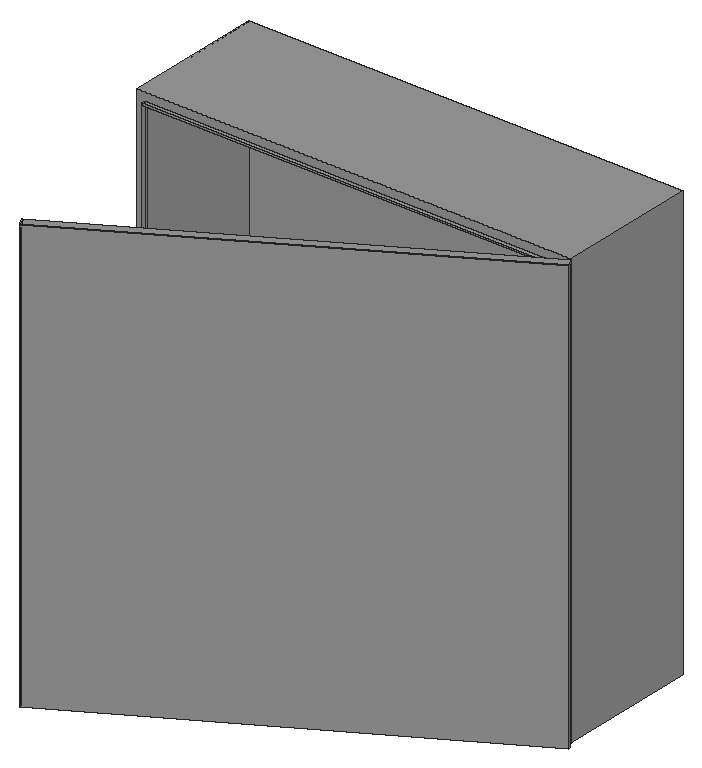
Revit family "Hager-Univers-IP55-D275-H800-Cl.II-Steel_encl-NoHosted-SE-en", category Equipement électrique, Revit 2020
Family settings
  Configuration du panneau = Deux colonnes, circuits au sein
  Cote de connecteur circulaire = Utiliser le diamètre
  Type d'élément = Tableau de raccordement
  Basée sur le plan de construction = Oui
  Toujours verticalement = Oui
  Couper avec des vides une fois chargée = Non
  Partagée = Non
  Point de calcul de pièce = Non
Parameters (values of type "Surface mounted (plaster) IP55 W800 H800 D275  - FR53S")
  Width Control [instance] = if([EF000008 - Width] > Min Width, [EF000008 - Width], Min Width)  # 800 mm
  Commentaires du type = [HG000003 - Range]  # "Univers"
  Thickness Door [instance] = if([EF009171 - Material plate thickness door/cover] > 3 mm, 3 mm, [EF009171 - Material plate thickness door/cover])  # 1.5 mm
  Seal Frame Offset [instance] = 17 mm  # constant formula
  Plinth Visibility [instance] = [HG000027 - Plinth height] > 0 mm  # no
  Min Width [instance] = 100 mm  # constant formula
  Min Depth [instance] = (2 * [EF009170 - Material plate thickness cabinet]) + 1 mm  # 4 mm
  Min Height [instance] = 100 mm  # constant formula
  Internal Frame Depth [instance] = (Door System Depth * 0.5)  # 9 mm
  Panel Name [instance] = ""  # (empty or 0)
  Model = ""
  HG000027 - Plinth height = 0 mm
  HG000026 - Floor standing = no
  HG000024 - Bottom section height = 600 mm
  HG000023 - Double section enclosure = no
  HG000016 - Door 3d visibility [instance] = yes
  HG000015 - Clearance visibility [instance] = no
  HG000014 - Door on the right [instance] = yes
  HG000013 - Door on the left [instance] = not([HG000014 - Door on the right])  # no
  HG000012 - Door swing angle [instance] = 30.00°
  HG000010 - Asymmetric doors = no
  HG000009 - Double swing door = no
  HG000006 - Flush mounted = no
  HG000004 - Manufacturer reference = "FR53S"
  HG000003 - Range = "Univers"
  HG000002 - With door or cover = yes
  Frame Offset Bottom [instance] = 10 mm  # constant formula
  Frame Offset [instance] = 15 mm  # constant formula
  EF015940 - Cover with overpressure release = no
  EF011959 - Degree of protection (NEMA) = ""
  EF009554 - Number of openings for flange plates = 6
  EF009212 - Cover model = "EV000116 - Closed"
  EF009171 - Material plate thickness door/cover = 1.5 mm
  EF009170 - Material plate thickness cabinet = 1.5 mm
  EF008873 - Nominal current (In) = 800 A
  EF007800 - Suitable for lightning protection = no
  EF006306 - With lock = no
  EF006244 - Transparent cover/door = no
  EF005474 - Degree of protection (IP) = "EV006420 - IP55"
  EF004464 - Type of door = "EV002646 - Single"
  EF004427 - Number of modules = 180
  EF004293 - Impact strength = "EV008784 - IK10"
  EF003532 - Suitable for outdoor use = no
  EF002950 - Width in number of modular spacings = 24
  EF001613 - Circuit integrity = "EV000494 - None"
  EF001596 - Material housing = "EV000179 - Steel"
  EF001131 - Internal depth = 275 mm
  EF001088 - Extension possible = yes
  EF000437 - Number of conduit inlets = 6
  EF000339 - Type of cover = "EV004216 - Door"
  EF000266 - Number of rows = 5
  EF000218 - Built-in depth = 0 mm
  EF000118 - With mounting plate = no
  EF000116 - RAL-number = "7035"
  EF000049 - Depth = 275 mm
  EF000040 - Height = 800 mm
  EF000008 - Width = 800 mm
  EF000007 - Colour = "EV000270 - Grey"
  EF000003 - Mounting method = "EV000384 - Surface mounted (plaster)"
  Door System Leaf Tolerance [instance] = 1.5 mm  # constant formula
  Door System Depth [instance] = 18 mm  # constant formula
  Door Height [instance] = Height Control - [HG000027 - Plinth height]  # 800 mm
  Description = ""
  Default Elevation = 1219.2 mm
  Connector Offset [instance] = Height Control / 2  # 400 mm
  Fabricant = "Hager"  # constant formula
  Height Control [instance] = if([EF000040 - Height] > Min Height, [EF000040 - Height], Min Height)  # 800 mm
  Depth Control [instance] = if([EF000049 - Depth] > Min Depth, [EF000049 - Depth], Min Depth)  # 275 mm
  Bottom Top Plate Trim [instance] = 1.5 mm  # constant formula
  Plinth height Ctrl [instance] = if([HG000027 - Plinth height] > 0 mm, [HG000027 - Plinth height], 12 mm)  # 12 mm
Types (5, lengths in mm): name | Width Control | HG000010 - Asymmetric doors | HG000009 - Double swing door | HG000004 - Manufacturer reference | EF009554 - Number of openings for flange plates | EF004464 - Type of door | EF004427 - Number of modules | EF000437 - Number of conduit inlets | EF000008 - Width
  Surface mounted (plaster) IP55 W1050 H800 D275  - FR54S | 1050 | no | yes | "FR54S" | 8 | "EV003602 - Double" | 240 | 8 | 1050
  Surface mounted (plaster) IP55 W1300 H800 D275  - FR55S | 1300 | yes | yes | "FR55S" | 10 | "EV003602 - Double" | 300 | 10 | 1300
  Surface mounted (plaster) IP55 W300 H800 D275  - FR51S | 300 | no | no | "FR51S" | 2 | "EV002646 - Single" | 60 | 2 | 300
  Surface mounted (plaster) IP55 W550 H800 D275  - FR52S | 550 | no | no | "FR52S" | 4 | "EV002646 - Single" | 120 | 4 | 550
  Surface mounted (plaster) IP55 W800 H800 D275  - FR53S | 800 | no | no | "FR53S" | 6 | "EV002646 - Single" | 180 | 6 | 800
Reference planes
  plane 1 "Center (Front/Back)": y = 0
  plane 2: z = 0
  plane 3 "Center (Left/Right)": x = 0
  plane 4: y = 0
  plane 5: y = 0
  plane 6: z = 0
  plane 7: x = -400
  plane 8: x = 400
  plane 9: x = 398.5
  plane 10: x = -398.5
  plane 11: z = 0
  plane 12: z = 1.5
  plane 13: y = -275
  plane 14: y = -1.5
  plane 15: x = 0
  plane 16: y = -257
  plane 17: y = -273.5
  plane 18: y = -255.5
  plane 19: x = -383.5
  plane 20: x = 383.5
  plane 21: z = 11.5
  plane 22: x = -383
  plane 23: x = 383
  plane 24: z = 0
  plane 25: z = 800
  plane 26: z = 800
  plane 27: z = 783.5
  plane 28: z = 798.5
Forms (mm)
  Extrusion 1, solid, material "Hager_Steel_RAL7035_Light_Grey", detail levels medium+fine
    sketch origin (-208.679, -4572, 0) x (-1, 0, 0) y (0, -1, 0)
      loop
        line (191.321, -4315) -> (-608.679, -4315) -> (-608.679, -4572) -> (191.321, -4572) -> (191.321, -4315)
    from 0 to 800
  Extrusion 2, void
    sketch origin (-350.771, -275, 1219.2) x (1, 0, 0) y (0, 0, 1)
      loop
        line (-47.729, -420.7) -> (-47.729, -1217.7) -> (749.271, -1217.7) -> (749.271, -420.7) -> (-47.729, -420.7)
    from -19.5 to -273.5
  Extrusion 3, void
    sketch origin (-290.084, -257, 1219.2) x (1, 0, 0) y (0, 0, 1)
      loop
        line (-93.416, -1207.7) -> (673.584, -1207.7) -> (673.584, -435.7) -> (-93.416, -435.7) -> (-93.416, -1207.7)
    from 0 to -1.5
  Extrusion 4, solid, material "Hager_Steel_RAL7035_Light_Grey", visible <- "Plinth Visibility", detail levels medium+fine
    sketch origin (0, 0, 0) x (1, 0, 0) y (0, 1, 0)
      loop
        line (-400, 0) -> (-400, -257) -> (400, -257) -> (400, 0) -> (-400, 0)
    from 0 to 12 <- "Plinth height Ctrl"
  Extrusion 5, solid, material "Hager_Steel_RAL7035_Light_Grey", detail levels coarse
    sketch origin (0, 0, 0) x (1, 0, 0) y (0, 1, 0)
      loop
        line (-400, 0) -> (-400, -275) -> (400, -275) -> (400, 0) -> (-400, 0)
    from 0 to 800 <- "Height Control"
  Sweep 6, void
    path in 3D
      loop
        line (-400, -257, 12) -> (400, -257, 12) -> (400, 0, 12) -> (-400, 0, 12) -> (-400, -257, 12)
    profile origin (-400, -128.5, 12) x (1, 0, 0) y (0, 0, 1)
      loop
        line (0, 0) -> (0, -1.5) -> (1.5, -1.5)
        arc (1.5, -1.5) -> (1.061, -0.439) -> (0, 0) r 1.5
  Extrusion 7, solid, material "Hager_Steel_RAL7035_Light_Grey", detail levels fine
    sketch origin (-400, -257, 0) x (1, 0, 0) y (0, 0, 1)
      loop
        line (16.5, 11.5) -> (783.5, 11.5) -> (783.5, 783.5) -> (16.5, 783.5) -> (16.5, 11.5)
      loop
        line (15, 10) -> (785, 10) -> (785, 785) -> (15, 785) -> (15, 10)
    from 0 to 9 <- "Internal Frame Depth"
Cuts and joins
  Extrusion 2, Extrusion 3 cuts Extrusion 1
  Sweep 6 cuts Extrusion 4
Lines and regions (mm)
  Masking region 1
    outline origin (0, 0, 0) x (1, 0, 0) y (0, 1, 0)
      loop
        line (-400, 0) -> (-400, -275) -> (400, -275) -> (400, 0) -> (-400, 0)
  Masking region 2, detail levels coarse
    outline origin (-290.084, -257, 1219.2) x (-1, 0, 0) y (0, 0, 1)
      loop
        line (-690.084, -1219.2) -> (109.916, -1219.2) -> (109.916, -419.2) -> (-690.084, -419.2) -> (-690.084, -1219.2)
  Masking region 3, detail levels coarse
    outline origin (0, 0, 0) x (0, 1, 0) y (0, 0, 1)
      loop
        line (0, 0) -> (0, 800) -> (-275, 800) -> (-275, 0) -> (0, 0)
  Masking region 4, visible <- "Plinth Visibility", detail levels medium+fine
    outline origin (0, 0, 0) x (0, 1, 0) y (0, 0, 1)
      loop
        line (-1.5, 12) -> (-255.5, 12)
        arc (-255.5, 12) -> (-255.939, 10.939) -> (-257, 10.5) r 1.5
        line (-257, 10.5) -> (-257, 0) -> (0, 0) -> (0, 10.5)
        arc (0, 10.5) -> (-1.061, 10.939) -> (-1.5, 12) r 1.5
  Masking region 5, detail levels medium+fine
    outline origin (0, 0, 594.038) x (0, 1, 0) y (0, 0, 1)
      loop
        line (0, -594.038) -> (0, 205.962) -> (-257, 205.962) -> (-257, -594.038) -> (0, -594.038)
  Masking region 6, detail levels medium+fine
    outline origin (-359.7, -257, 1211.883) x (-1, 0, 0) y (0, 0, 1)
      loop
        line (-759.7, -1211.883) -> (40.3, -1211.883) -> (40.3, -411.883) -> (-759.7, -411.883) -> (-759.7, -1211.883)
  Masking region 7, visible <- "Plinth Visibility", detail levels medium+fine
    outline origin (-320.334, -257, 1041.368) x (-1, 0, 0) y (0, 0, 1)
      loop
        line (-720.334, -1041.368) -> (79.666, -1041.368) -> (79.666, -1030.868)
        arc (79.666, -1030.868) -> (78.606, -1030.429) -> (78.166, -1029.368) r 1.5
        line (78.166, -1029.368) -> (-718.834, -1029.368)
        arc (-718.834, -1029.368) -> (-719.273, -1030.429) -> (-720.334, -1030.868) r 1.5
        line (-720.334, -1030.868) -> (-720.334, -1041.368)
  sketch lines
    curve 1: line (-400, 0, 12) -> (-400, -257, 12)
    curve 2: line (-400, -257, 12) -> (400, -257, 12)
    curve 3: line (400, 0, 12) -> (-400, 0, 12)
    curve 4: line (400, -257, 12) -> (400, 0, 12)
Dimensions and locks
  locked: plane 1 "Center (Front/Back)" to plane 5
  "EF009170 - Material plate thickness cabinet": plane 7 to plane 10
  "EF009170 - Material plate thickness cabinet": plane 8 to plane 9
  equal spacing: plane 7, plane 3 "Center (Left/Right)", plane 8
  "Width Control": plane 7 to plane 8
  "Depth Control": plane 4 to plane 13
  "EF009170 - Material plate thickness cabinet": plane 4 to plane 14
  "Height Control": plane 25 to level
  "HG000027 - Plinth height": plane 11 to level
  "EF009170 - Material plate thickness cabinet": plane 12 to plane 11
  "EF009170 - Material plate thickness cabinet": plane 17 to plane 13
  "EF009170 - Material plate thickness cabinet": plane 18 to plane 16
  "Frame Offset Bottom": plane 21 to plane 12
  "Frame Offset": plane 10 to plane 19
  "Frame Offset": plane 9 to plane 20
  "Door System Depth": plane 16 to plane 13
  "Seal Frame Offset": plane 7 to plane 22
  "Seal Frame Offset": plane 8 to plane 23
  "EF009170 - Material plate thickness cabinet": plane 26 to plane 28
  "Frame Offset": plane 28 to plane 27
  "Connector Offset": plane 2 to connector elem
  "Bottom Top Plate Trim": profile plane to Sweep 6 sketch curve
  "Bottom Top Plate Trim": Sweep 6 sketch curve to Sweep 6 sketch curve
  "Plinth height Ctrl": Masking region 4 sketch curve to level
  "Plinth height Ctrl": Masking region 7 sketch curve to level
  "Thickness Door": Extrusion 7 sketch curve to Extrusion 7 sketch curve  (x4)
  "Bottom Top Plate Trim": radius of Sweep 6 sketch curve
  "Bottom Top Plate Trim": radius of Masking region 4 sketch curve  (x2)
  "Bottom Top Plate Trim": radius of Masking region 7 sketch curve  (x2)
  aligned and locked: Extrusion 2 sketch curve to plane 12
  aligned and locked: Extrusion 2 sketch curve to plane 9
  aligned and locked: Extrusion 2 sketch curve to plane 10
  aligned and locked: Extrusion 2 to plane 14
  aligned and locked: Extrusion 1 sketch curve to plane 4
  aligned and locked: plane 8 to Extrusion 1 sketch curve
  aligned and locked: plane 7 to Extrusion 1 sketch curve
  aligned and locked: Extrusion 2 to plane 18
  aligned and locked: Extrusion 3 sketch curve to plane 19
  aligned and locked: plane 20 to Extrusion 3 sketch curve
  aligned and locked: Extrusion 3 to Extrusion 2
  aligned and locked: Extrusion 3 sketch curve to plane 21
  aligned and locked: plane 3 "Center (Left/Right)" to nested 1
  aligned and locked: Extrusion 1 sketch curve to plane 16
  aligned and locked: Extrusion 4 sketch curve to cut or joined group of Extrusion 1, Extrusion 2, Extrusion 3
  aligned and locked: Masking region 1 sketch curve to plane 7
  aligned and locked: Masking region 1 sketch curve to plane 5
  aligned and locked: Masking region 1 sketch curve to plane 8
  aligned and locked: Masking region 2 sketch curve to level
  aligned and locked: level to Masking region 3 sketch curve
  aligned and locked: plane 1 "Center (Front/Back)" to Masking region 3 sketch curve
  aligned and locked: plane 13 to Masking region 3 sketch curve
  aligned and locked: plane 5 to Masking region 4 sketch curve
  aligned and locked: Masking region 2 sketch curve to plane 8
  aligned and locked: Masking region 2 sketch curve to plane 7
  aligned and locked: plane 7 to nested 2
  aligned and locked: nested 2 to plane 5
  aligned and locked: plane 5 to Masking region 5 sketch curve
  aligned and locked: plane 26 to Masking region 5 sketch curve
  aligned and locked: Extrusion 5 sketch curve to plane 8
  aligned and locked: Extrusion 5 sketch curve to plane 7
  aligned and locked: Extrusion 5 sketch curve to plane 5
  aligned and locked: Extrusion 3 sketch curve to plane 27
  aligned and locked: Extrusion 2 sketch curve to plane 28
  aligned and locked: Masking region 2 to plane 25
  aligned and locked: Extrusion 4 to plane 16
  aligned and locked: profile plane to Sweep 6 sketch curve
  aligned and locked: Masking region 5 sketch curve to plane 24
  aligned and locked: level to Masking region 4 sketch curve
  aligned and locked: Masking region 1 to plane 13
  aligned and locked: nested 1 to plane 16
  aligned and locked: Masking region 3 to plane 25
  aligned and locked: plane 16 to Masking region 4 sketch curve
  aligned and locked: Masking region 5 sketch curve to plane 16
  aligned and locked: plane 24 to plane 11
  aligned and locked: plane 26 to plane 25
  aligned and locked: plane 26 to cut or joined group of Extrusion 1, Extrusion 2, Extrusion 3
  aligned and locked: nested 1 to plane 24
  aligned and locked: Extrusion 1 to Extrusion 3
  aligned and locked: Masking region 6 sketch curve to plane 8
  aligned and locked: Masking region 6 sketch curve to plane 24
  aligned and locked: Masking region 6 sketch curve to plane 7
  aligned and locked: Masking region 6 sketch curve to plane 26
  aligned and locked: Masking region 7 sketch curve to plane 7
  aligned and locked: level to Masking region 7 sketch curve
  aligned and locked: Masking region 7 sketch curve to plane 8
  aligned and locked: Extrusion 7 sketch curve to cut or joined group of Extrusion 1, Extrusion 2, Extrusion 3  (x4)
Automatic sketch dimensions
  plane 19 to Extrusion 3 sketch curve = 0 mm
  Extrusion 3 sketch curve to plane 20 = 0 mm
  Extrusion 3 sketch curve to plane 21 = 0 mm
  Extrusion 4 sketch curve to plane 7 = 0 mm
  Extrusion 4 sketch curve to plane 8 = 0 mm
  Extrusion 4 sketch curve to plane 16 = 0 mm
  Masking region 1 sketch curve to plane 13 = 0 mm
  Masking region 2 sketch curve to plane 25 = 0 mm
  Masking region 3 sketch curve to plane 25 = 0 mm
  Extrusion 5 sketch curve to plane 13 = 0 mm
  profile plane to Sweep 6 sketch curve = 0 mm
Nested families
  nested 1: "EC000058_Univers_Door" at (0, -257, 0), Double <- "HG000009 - Double swing door", Transparent <- "EF006244 - Transparent cover/door", Angle <- "HG000012 - Door swing angle", Door_Right <- "HG000014 - Door on the right", Assymetrical <- "HG000010 - Asymmetric doors", Door <- "HG000002 - With door or cover", Width_Ctrl <- "Width Control", 3d_Door <- "HG000016 - Door 3d visibility", Clearance <- "HG000015 - Clearance visibility", Door_Left <- "HG000013 - Door on the left", Width <- "Width Control", Door_Depth <- "Door System Depth", Leaf_Tolerance <- "Door System Leaf Tolerance", Height <- "Door Height", Lock_Visibility <- "EF006306 - With lock", Thickness <- "Thickness Door", type "EC000058_Univers_Door", detail levels medium+fine
    with min_wh 4 mm, Width_Ctrl 800 mm, Width 800 mm, Transparent no, Thickness 1.5 mm, Seal_Material Hager_Rubber, Lock_Visibility no, Lock_Material Hager_Plastic_RAL9005_Jet_Black, Leaf_Width 800 mm, Leaf_Tolerance_External_Sides 0 mm, Leaf_Tolerance 1.5 mm, Leaf_Offset 0 mm, Leaf_Height 797 mm, Leaf_2_Width 800 mm, Leaf_2_Offset 400 mm, Leaf_1_Width 800 mm, Leaf_1_Offset 400 mm, Height_Ctrl 800 mm, Height 800 mm, Glass_Material Hager_Glass, Double_Clearance_Ctrl no, Double no, Door_Right_Ctrl yes, Door_Right yes, Door_Material Hager_Steel_RAL7035_Light_Grey, Door_Left_Ctrl no, Door_Left no, Door_Depth 18 mm, Door yes, Clearance_Material Hager_Clearance, Clearance_Depth 800 mm, Clearance_Ctrl no, Clearance no, Assymetrical no, Angle 30.00°, 3d_Door yes
  nested 2: "Hager_Enclosure_Symbol" at (-400, 0, 0), Height <- "Depth Control", Width <- "Width Control", type "Hager_Enclosure_Symbol"
    with Width_Ctrl 800 mm, Width 800 mm, Height_Ctrl 275 mm, Height 275 mm, A_Width_Int 18.047 mm, A_Width 216.562 mm, A_Height_Ctrl 240.625 mm, A_Height 240.625 mm
Connectors
  electrical at (0, 0, 400)
    settings: on plane 1 "Center (Front/Back)", index 1, voltage 0 V, apparent load 0 VA, apparent load phase1 0 VA, apparent load phase2 0 VA, apparent load phase3 0 VA, power factor 1, load classification "Other", number of poles 1, system type 30, power factor state 1, is connector primary yes, connector utility no, sub classification motor no, connector description ""
Definition of nested family "EC000058_Univers_Door"
  Parameters (values of type "EC000058_Univers_Door")
    min_wh [instance] = (2 * Thickness) + 1 mm  # 11 mm
    Width_Ctrl [instance] = 400 mm
    Width [instance] = 500 mm
    Transparent [instance] = yes
    Thickness [instance] = 5 mm
    Seal_Material [instance] = none
    Lock_Visibility [instance] = yes
    Lock_Material [instance] = none
    Leaf_Width [instance] = if((Width_Ctrl - 2 * Leaf_Tolerance_External_Sides) > 0 mm, (Width_Ctrl - 2 * Leaf_Tolerance_External_Sides), min_wh)  # 400 mm
    Leaf_Tolerance_External_Sides [instance] = 0 mm  # constant formula
    Leaf_Tolerance [instance] = 1.5 mm
    Leaf_Offset [instance] = 0 mm  # constant formula
    Leaf_Height [instance] = if((Height_Ctrl - 2 * Leaf_Tolerance) > 0 mm, (Height_Ctrl - 2 * Leaf_Tolerance), min_wh)  # 497 mm
    Leaf_2_Width [instance] = if(and(and(Double, Assymetrical), Door_Left), (Leaf_Width / 3) - (Leaf_Tolerance / 2), if(and(and(Double, Assymetrical), Door_Right), (Leaf_Width / 3) * 2 - (Leaf_Tolerance / 2), if(and(Double, not(Assymetrical)), (Leaf_Width / 2) - Leaf_Tolerance, Leaf_Width)))  # 400 mm
    Leaf_2_Offset [instance] = if(and(Double, Assymetrical), Leaf_2_Width / 2, if(and(Double, not(Assymetrical)), Leaf_Width / 4, Leaf_Width / 2))  # 200 mm
    Leaf_1_Width [instance] = if(and(and(Double, Assymetrical), Door_Right), (Leaf_Width / 3) - (Leaf_Tolerance / 2), if(and(and(Double, Assymetrical), Door_Left), (Width / 3) * 2 - (Leaf_Tolerance / 2), if(and(Double, not(Assymetrical)), (Leaf_Width / 2) - Leaf_Tolerance, Leaf_Width)))  # 400 mm
    Leaf_1_Offset [instance] = if(and(Double, Assymetrical), Leaf_1_Width / 2, if(and(Double, not(Assymetrical)), Leaf_Width / 4, Leaf_Width / 2))  # 200 mm
    Height_Ctrl [instance] = if(Height > min_wh, Height, min_wh)  # 500 mm
    Height [instance] = 500 mm
    Glass_Material [instance] = none
    Double_Clearance_Ctrl [instance] = and(Double, Clearance)  # no
    Double [instance] = no
    Door_Right_Ctrl [instance] = and(or(Door_Right, Double), Door)  # yes
    Door_Right [instance] = yes
    Door_Material [instance] = none
    Door_Left_Ctrl [instance] = and(or(Door_Left, Double), Door)  # no
    Door_Left [instance] = no
    Door_Depth [instance] = 30 mm
    Door [instance] = yes
    Default Elevation = 1219.2 mm
    Clearance_Material [instance] = none
    Clearance_Depth [instance] = if(Leaf_1_Width > Leaf_2_Width, Leaf_1_Width, Leaf_2_Width)  # 400 mm
    Clearance_Ctrl [instance] = and(not(Double), Clearance)  # yes
    Clearance [instance] = yes
    Assymetrical [instance] = yes
    Angle [instance] = 30.00°
    3d_Door [instance] = yes
  Reference planes
    plane 1 "Center (Front/Back)": y = 0
    plane 2 "Bottom": z = 0
    plane 3 "Center (Left/Right)": x = 0
    plane 4: z = 500
    plane 5: x = -200
    plane 6: x = 200
    plane 7: z = 500
    plane 8: x = -200
    plane 9: z = 0
    plane 10: x = 200
    plane 11: y = 0
    plane 12: z = 1.5
    plane 13: x = -600
    plane 14: y = -400
    plane 15: x = 600
    plane 16: x = 0
    plane 17: x = 0
    plane 18: x = -200
    plane 19: x = 200
    plane 20: z = 498.5
  Forms (mm)
    Extrusion 1, solid, material <- "Clearance_Material", visible <- "Double_Clearance_Ctrl"
      sketch origin (1200, 0, 0) x (1, 0, 0) y (0, 0, -1)
        loop
          line (-1800, -498.5) -> (-600, -498.5) -> (-600, 0) -> (-1800, 0) -> (-1800, -498.5)
      from 0 to -400
  Dimensions and locks
    equal spacing: plane 5, plane 3 "Center (Left/Right)", plane 6
    "Width_Ctrl": plane 5 to plane 6
    "Leaf_Offset": plane 5 to plane 8
    "Leaf_Offset": plane 6 to plane 10
    "Leaf_Offset": plane 9 to level
    "Leaf_Offset": plane 4 to plane 7
    "Height_Ctrl": plane 4 to level
    "Leaf_Tolerance": plane 12 to plane 9
    locked: plane 11 to plane 1 "Center (Front/Back)"
    "Leaf_1_Offset": plane 18 to plane 16
    "Leaf_2_Offset": plane 17 to plane 19
    "Leaf_1_Width": plane 13 to plane 8
    "Leaf_2_Width": plane 10 to plane 15
    "Clearance_Depth": plane 14 to plane 1 "Center (Front/Back)"
    "Leaf_Tolerance_External_Sides": plane 8 to plane 18
    "Leaf_Tolerance_External_Sides": plane 19 to plane 10
    "Leaf_Tolerance": plane 7 to plane 20
    aligned and locked: level to plane 2 "Bottom"
    aligned and locked: nested 1 to plane 16
    aligned and locked: nested 2 to plane 17
    aligned and locked: Extrusion 1 to plane 13
    aligned and locked: plane 15 to Extrusion 1
    aligned and locked: Extrusion 1 to plane 14
    aligned and locked: plane 12 to nested 1
    aligned and locked: nested 2 to plane 12
    aligned and locked: Extrusion 1 to plane 11
    aligned and locked: plane 20 to Extrusion 1
    aligned and locked: nested 2 to plane 11
    aligned and locked: nested 1 to plane 11
  Automatic sketch dimensions
    Extrusion 1 sketch curve to level = 0 mm
    plane 5 to Extrusion 1 sketch curve = 400 mm
    plane 6 to Extrusion 1 sketch curve = 400 mm
    Extrusion 1 sketch curve to plane 4 = 1.5 mm
  Nested families
    nested 1: "EC000058_Univers_Door_Leaf" at (0, 0, 1.5), Width <- "Leaf_1_Width", visible <- "Door_Left_Ctrl", Leaf_Height <- "Leaf_Height", Angle <- "Angle", 3d_Door <- "3d_Door", Transparent <- "Transparent", Clearance Material <- "Clearance_Material", Clearance <- "Clearance_Ctrl", Door_Material <- "Door_Material", Glass_Material <- "Glass_Material", Door_Depth <- "Door_Depth", Lock_Material <- "Lock_Material", Seal_Material <- "Seal_Material", Lock_Visibility <- "Lock_Visibility", Thickness <- "Thickness", type "EC000058_Univers_Door_Leaf"
      with Width 400 mm, Transparent_Glass_Offset 30 mm, Transparent_Ctrl yes, Transparent yes, Thickness 5 mm, Standard no, Seal_Material none, Seal_D2 8 mm, Seal_D1 1 mm, Offset_Internal_Frame 10 mm, Lock_Width 20 mm, Lock_Visibility_3d yes, Lock_Visibility yes, Lock_Thickness_3 3 mm, Lock_Thickness_2 1 mm, Lock_Thickness_1 3 mm, Lock_Radius_Offset_2 16 mm, Lock_Radius_Offset_1 15 mm, Lock_Radius_2 5 mm, Lock_Radius 6 mm, Lock_Offset 5 mm, Lock_Material none, Lock_Height 80 mm, Lock_Cover_Top_Offset_2d 17 mm, Lock_Cover_Height -65 mm, Leaf_Height 497 mm, Internal_Seal_Thickness 8 mm, Internal_Seal_Depth_2 4.5 mm, Internal_Frame_Depth 25 mm, Glass_Thickness -1 mm, Glass_Offset -2 mm, Glass_Material none, Door_Material none, Door_Depth 30 mm, Clearance Material none, Clearance yes, Angle_Ctrl 30.00°, Angle 30.00°, 3d_Door yes
    nested 2: "EC000058_Univers_Door_Leaf" at (0, 0, 1.5) x (-1, 0, 0) z (0, 0, 1), Width <- "Leaf_2_Width", visible <- "Door_Right_Ctrl", Leaf_Height <- "Leaf_Height", Angle <- "Angle", 3d_Door <- "3d_Door", Transparent <- "Transparent", Clearance Material <- "Clearance_Material", Clearance <- "Clearance_Ctrl", Door_Material <- "Door_Material", Glass_Material <- "Glass_Material", Door_Depth <- "Door_Depth", Lock_Material <- "Lock_Material", Seal_Material <- "Seal_Material", Lock_Visibility <- "Lock_Visibility", Thickness <- "Thickness", type "EC000058_Univers_Door_Leaf"
      with Width 400 mm, Transparent_Glass_Offset 30 mm, Transparent_Ctrl yes, Transparent yes, Thickness 5 mm, Standard no, Seal_Material none, Seal_D2 8 mm, Seal_D1 1 mm, Offset_Internal_Frame 10 mm, Lock_Width 20 mm, Lock_Visibility_3d yes, Lock_Visibility yes, Lock_Thickness_3 3 mm, Lock_Thickness_2 1 mm, Lock_Thickness_1 3 mm, Lock_Radius_Offset_2 16 mm, Lock_Radius_Offset_1 15 mm, Lock_Radius_2 5 mm, Lock_Radius 6 mm, Lock_Offset 5 mm, Lock_Material none, Lock_Height 80 mm, Lock_Cover_Top_Offset_2d 17 mm, Lock_Cover_Height -65 mm, Leaf_Height 497 mm, Internal_Seal_Thickness 8 mm, Internal_Seal_Depth_2 4.5 mm, Internal_Frame_Depth 25 mm, Glass_Thickness -1 mm, Glass_Offset -2 mm, Glass_Material none, Door_Material none, Door_Depth 30 mm, Clearance Material none, Clearance yes, Angle_Ctrl 30.00°, Angle 30.00°, 3d_Door yes
  Definition of nested family "EC000058_Univers_Door_Leaf"
    Parameters (values of type "EC000058_Univers_Door_Leaf")
      Width [instance] = 2000 mm
      Transparent_Glass_Offset [instance] = 30 mm
      Transparent_Ctrl [instance] = and(Transparent, [3d_Door])  # yes
      Transparent [instance] = yes
      Thickness [instance] = 5 mm
      Standard [instance] = and(not(Transparent), [3d_Door])  # no
      Seal_Material [instance] = none
      Seal_D2 [instance] = 8 mm  # constant formula
      Seal_D1 [instance] = 1 mm  # constant formula
      Offset_Internal_Frame [instance] = 10 mm  # constant formula
      Lock_Width [instance] = 20 mm  # constant formula
      Lock_Visibility_3d [instance] = and(Lock_Visibility, [3d_Door])  # yes
      Lock_Visibility [instance] = yes
      Lock_Thickness_3 [instance] = 3 mm  # constant formula
      Lock_Thickness_2 [instance] = 1 mm  # constant formula
      Lock_Thickness_1 [instance] = 3 mm  # constant formula
      Lock_Radius_Offset_2 [instance] = Lock_Radius_Offset_1 + 1 mm  # 16 mm
      Lock_Radius_Offset_1 [instance] = 15 mm  # constant formula
      Lock_Radius_2 [instance] = Lock_Radius - 1 mm  # 5 mm
      Lock_Radius [instance] = 6 mm  # constant formula
      Lock_Offset [instance] = 5 mm  # constant formula
      Lock_Material [instance] = none
      Lock_Height [instance] = 80 mm  # constant formula
      Lock_Cover_Top_Offset_2d [instance] = Lock_Radius_Offset_2 + 1 mm  # 17 mm
      Lock_Cover_Height [instance] = -(Lock_Height - Lock_Radius_Offset_1)  # -65 mm
      Leaf_Height [instance] = 2720.336 mm
      Internal_Seal_Thickness [instance] = 8 mm  # constant formula
      Internal_Seal_Depth_2 [instance] = 4.5 mm  # constant formula
      Internal_Frame_Depth [instance] = if(Door_Depth - Thickness > 5 mm, Door_Depth - Thickness, 5 mm)  # 25 mm
      Glass_Thickness [instance] = if(Thickness > 15 mm, Glass_Offset + 10 mm, -1 mm)  # -1 mm
      Glass_Offset [instance] = if(Thickness > 15 mm, -(Thickness + 10 mm) / 2, -2 mm)  # -2 mm
      Glass_Material [instance] = none
      Door_Material [instance] = none
      Door_Depth [instance] = 30 mm
      Default Elevation = 0 mm
      Clearance Material [instance] = none
      Clearance [instance] = yes
      Angle_Ctrl [instance] = if(Angle > 180.00°, 180.00°, Angle)  # 90.00°
      Angle [instance] = 90.00°
      3d_Door [instance] = yes
    Reference planes
      plane 1 "Center (Front/Back)": y = 0
      plane 2: z = 0
      plane 3 "Center (Left/Right)": x = 0
      plane 4: y = 2000
      plane 5: x = -1000
      plane 6: x = 1000
      plane 7: x = -3000
      plane 8: z = 2720.336
      plane 9: z = 30
      plane 10: z = 2690.336
      plane 11: x = 970
      plane 12: x = -970
      plane 13: y = -3
      plane 14: z = 107.833
      plane 15: y = -5
      plane 16: y = -223.314
      plane 17: x = -1000
      plane 18: z = 1360.168
      plane 19: y = 30
    Forms (mm)
      Extrusion 1, solid, material <- "Clearance Material", visible <- "Clearance"
        sketch origin (0, 0, 0) x (1, 0, 0) y (0, 0, 1)
          loop
            line (-3000, 2720.336) -> (-3000, 0) -> (1000, 0) -> (1000, 2720.336) -> (-3000, 2720.336)
        from 0 to -2000
      Extrusion 2, solid, material <- "Door_Material", visible <- "Standard", detail levels medium+fine
        sketch origin (-1000, 0, 0) x (0, 1, 0) y (-1, 0, 0)
          loop
            line (0, 30) -> (0, 25) -> (2000, 25) -> (2000, 30) -> (0, 30)
        from 0 to 2720.336 <- "Leaf_Height"
      Extrusion 3, solid, material <- "Door_Material", visible <- "Transparent_Ctrl", detail levels medium+fine
        sketch origin (-1000, 0, 0) x (0, 1, 0) y (-1, 0, 0)
          loop
            line (0, 25) -> (2000, 25) -> (2000, 30) -> (0, 30) -> (0, 25)
        from 0 to 2720.336 <- "Leaf_Height"
      Extrusion 4, void
        sketch origin (-1025, 2000, 0) x (0, 1, 0) y (0, 0, -1)
          loop
            line (-30, -2690.336) -> (-30, -30) -> (-1970, -30) -> (-1970, -2690.336) -> (-30, -2690.336)
        from 0 to 5 <- "Thickness"
      Sweep 5, solid, material <- "Seal_Material", visible <- "Transparent_Ctrl", detail levels fine
        path in 3D
          loop
            line (-1025, 30, 30) -> (-1025, 30, 2690.336) -> (-1025, 1970, 2690.336) -> (-1025, 1970, 30) -> (-1025, 30, 30)
        profile origin (-1025, 1000, 30) x (1, 0, 0) y (0, 0, 1)
          loop
            line (0, 0) -> (0, -8) -> (1, -8) -> (1, 0) -> (0, 0)
      Extrusion 6, solid, material <- "Glass_Material", visible <- "Transparent_Ctrl", detail levels medium+fine
        sketch origin (-1030, 0, 0) x (0, 1, 0) y (0, 0, -1)
          loop
            line (1970, -2690.336) -> (1970, -30) -> (30, -30) -> (30, -2690.336) -> (1970, -2690.336)
        from -2 <- "Glass_Offset" to -1 <- "Glass_Thickness"
      Extrusion 7, solid, material <- "Door_Material", visible <- "3d_Door", detail levels medium+fine
        sketch origin (-1025, 2000, 0) x (0, -1, 0) y (0, 0, -1)
          loop
            line (0, -2720.336) -> (2000, -2720.336) -> (2000, 0) -> (0, 0) -> (0, -2720.336)
          loop
            line (1995, -5) -> (5, -5) -> (5, -2715.336) -> (1995, -2715.336) -> (1995, -5)
        from 0 to 25 <- "Internal_Frame_Depth"
      Sweep 8, solid, material <- "Seal_Material", visible <- "Transparent_Ctrl", detail levels fine
        path in 3D
          loop
            line (-1025, 0, 0) -> (-1025, 2000, 0) -> (-1025, 2000, 2720.336) -> (-1025, 0, 2720.336) -> (-1025, 0, 0)
        profile origin (-1025, 0, 1360.168) x (1, 0, 0) y (0, 1, 0)
          loop
            line (0, 10) -> (2.975, 10)
            arc (2.975, 10) -> (4.053, 10.447) -> (4.5, 11.525) r 1.525
            line (4.5, 11.525) -> (4.5, 16.527)
            arc (4.5, 16.527) -> (4.069, 17.569) -> (3.027, 18) r 1.473
            line (3.027, 18) -> (0, 18) -> (0, 10)
      Extrusion 9, solid, material <- "Lock_Material", visible <- "Lock_Visibility_3d", detail levels fine
        sketch origin (-1030, 0, 0) x (0, 1, 0) y (0, 0, -1)
          loop
            arc (1993.5, -1400.168) -> (1994.561, -1399.729) -> (1995, -1398.668) r 1.5
            line (1995, -1398.668) -> (1995, -1320.168) -> (1975, -1320.168) -> (1975, -1398.668)
            arc (1975, -1398.668) -> (1975.439, -1399.729) -> (1976.5, -1400.168) r 1.5
            line (1976.5, -1400.168) -> (1993.5, -1400.168)
        from 3 <- "Lock_Thickness_1" to 0
      Blend 10, solid, material <- "Lock_Material", visible <- "Lock_Visibility_3d", detail levels fine
        base sketch origin (-1033, 0, 0) x (0, 1, 0) y (0, 0, -1)
          loop
            line (1975, -1320.168) -> (1975, -1398.668)
            arc (1975, -1398.668) -> (1975.439, -1399.729) -> (1976.5, -1400.168) r 1.5
            line (1976.5, -1400.168) -> (1993.5, -1400.168)
            arc (1993.5, -1400.168) -> (1994.561, -1399.729) -> (1995, -1398.668) r 1.5
            line (1995, -1398.668) -> (1995, -1320.168) -> (1975, -1320.168)
        top sketch origin (-1033, 0, 0) x (0, 1, 0) y (0, 0, -1)
          loop
            line (1976, -1320.168) -> (1976, -1398.668)
            arc (1976, -1398.668) -> (1976.146, -1399.022) -> (1976.5, -1399.168) r 0.5
            line (1976.5, -1399.168) -> (1993.5, -1399.168)
            arc (1993.5, -1399.168) -> (1993.854, -1399.022) -> (1994, -1398.668) r 0.5
            line (1994, -1398.668) -> (1994, -1320.168) -> (1976, -1320.168)
        from 0 to 1 <- "Lock_Thickness_2"
      Blend 11, solid, material <- "Lock_Material", visible <- "Lock_Visibility_3d", detail levels fine
        base sketch origin (-1034, 0, 0) x (0, 1, 0) y (0, 0, -1)
          loop
            line (1978, -1320.168) -> (1978, -1384.168)
            arc (1978, -1384.168) -> (1985, -1391.168) -> (1992, -1384.168) r 7
            line (1992, -1384.168) -> (1992, -1320.168) -> (1978, -1320.168)
        top sketch origin (-1034, 0, 0) x (0, 1, 0) y (0, 0, -1)
          loop
            line (1991, -1320.168) -> (1979, -1320.168) -> (1979, -1383.168)
            arc (1979, -1383.168) -> (1985, -1389.168) -> (1991, -1383.168) r 6
            line (1991, -1383.168) -> (1991, -1320.168)
        from 0 to 3 <- "Lock_Thickness_3"
      Extrusion 12, solid, material <- "Lock_Material", visible <- "Lock_Visibility_3d", detail levels fine
        sketch origin (-1030, 1975, 1320.168) x (1, 0, 0) y (0, -1, 0)
          loop
            line (-7, -19) -> (-7, -1) -> (0, -1) -> (0, 0) -> (-8, 0) -> (-8, -20) -> (0, -20) -> (0, -19) -> (-7, -19)
        from 0 to -65 <- "Lock_Cover_Height"
      Extrusion 13, void
        sketch origin (-1038, 1995, 1320.168) x (-1, 0, 0) y (0, 0, -1)
          loop
            line (-5, -65) -> (0, -65) -> (-5, -60) -> (-5, -65)
        from 0 to 20 <- "Lock_Width"
      Extrusion 14, void
        sketch origin (-1038, 1975, 1320.168) x (0, -1, 0) y (0, 0, -1)
          loop
            circle (-10, -15.995) r 6
          loop
            circle (-10, -15.995) r 5
        from 0 to 2
      Extrusion 15, solid, material <- "Lock_Material", visible <- "Lock_Visibility_3d", detail levels medium
        sketch origin (-1030, 0, 0) x (0, 1, 0) y (0, 0, -1)
          loop
            arc (1993.5, -1400.168) -> (1994.561, -1399.729) -> (1995, -1398.668) r 1.5
            line (1995, -1398.668) -> (1995, -1320.168) -> (1975, -1320.168) -> (1975, -1398.668)
            arc (1975, -1398.668) -> (1975.439, -1399.729) -> (1976.5, -1400.168) r 1.5
            line (1976.5, -1400.168) -> (1993.5, -1400.168)
        from 8 to 0
    Cuts and joins
      Extrusion 4 cuts Extrusion 3
      Extrusion 13, Extrusion 14 cuts Extrusion 9
      Extrusion 14 cuts Blend 11
      Extrusion 13, Extrusion 14 cuts Extrusion 12
      joined: Extrusion 9, Blend 10, Blend 11, Extrusion 12
      Extrusion 14 cuts Extrusion 15
    Lines and regions (mm)
      Masking region 1, visible <- "Lock_Visibility", detail levels fine
        outline origin (0, 0, 0) x (0, 1, 0) y (0, 0, 1)
          loop
            line (30, 1320.168) -> (33, 1320.168) -> (33, 1400.168) -> (30, 1400.168) -> (30, 1320.168)
      Masking region 2, visible <- "Lock_Visibility", detail levels fine
        outline origin (0, 3.143, 0) x (0, 1, 0) y (0, 0, 1)
          loop
            line (29.857, 1354.168) -> (30.857, 1354.168) -> (30.857, 1366.168) -> (29.857, 1366.168) -> (29.857, 1354.168)
      Masking region 3, detail levels medium+fine
        outline origin (0, 0, 0) x (0, 1, 0) y (0, 0, 1)
          loop
            line (0, 0) -> (30, 0) -> (30, 2720.336) -> (0, 2720.336) -> (0, 0)
      Masking region 4, detail levels medium+fine
        outline origin (0, 0, 0) x (1, 0, 0) y (0, 0, 1)
          loop
            line (-1000, 2720.336) -> (-1000, 0) -> (1000, 0) -> (1000, 2720.336) -> (-1000, 2720.336)
      Masking region 5, visible <- "Lock_Visibility", detail levels fine
        outline origin (-47.116, 0, 0) x (1, 0, 0) y (0, 0, 1)
          loop
            arc (1024.616, 1399.168) -> (1023.556, 1398.729) -> (1023.116, 1397.668) r 1.5
            line (1023.116, 1397.668) -> (1023.116, 1320.168) -> (1041.116, 1320.168) -> (1041.116, 1397.668)
            arc (1041.116, 1397.668) -> (1040.677, 1398.729) -> (1039.616, 1399.168) r 1.5
            line (1039.616, 1399.168) -> (1024.616, 1399.168)
      Masking region 6, visible <- "Lock_Visibility", detail levels medium+fine
        outline origin (-25, 0, 0) x (1, 0, 0) y (0, 0, 1)
          loop
            arc (1001.5, 1400.168) -> (1000.439, 1399.729) -> (1000, 1398.668) r 1.5
            line (1000, 1398.668) -> (1000, 1320.168) -> (1020, 1320.168) -> (1020, 1398.668)
            arc (1020, 1398.668) -> (1019.561, 1399.729) -> (1018.5, 1400.168) r 1.5
            line (1018.5, 1400.168) -> (1001.5, 1400.168)
      Masking region 7, visible <- "Lock_Visibility", detail levels fine
        outline origin (-73.735, 0, 0) x (1, 0, 0) y (0, 0, 1)
          loop
            line (1051.735, 1382.168) -> (1065.735, 1382.168) -> (1065.735, 1384.168)
            arc (1065.735, 1384.168) -> (1058.735, 1391.168) -> (1051.735, 1384.168) r 7
            line (1051.735, 1384.168) -> (1051.735, 1382.168)
      Masking region 8, visible <- "Lock_Visibility", detail levels fine
        outline origin (-73.735, 0, 0) x (1, 0, 0) y (0, 0, 1)
          loop
            line (1052.735, 1382.168) -> (1064.735, 1382.168) -> (1064.735, 1383.168)
            arc (1064.735, 1383.168) -> (1058.735, 1389.168) -> (1052.735, 1383.168) r 6
            line (1052.735, 1383.168) -> (1052.735, 1382.168)
      Masking region 9, visible <- "Lock_Visibility", detail levels fine
        outline origin (-25, 0, 0) x (1, 0, 0) y (0, 0, 1)
          loop
            line (1020, 1320.168) -> (1020, 1382.168) -> (1000, 1382.168) -> (1000, 1320.168) -> (1020, 1320.168)
      Masking region 10, detail levels medium+fine
        outline origin (0, 0, 0) x (1, 0, 0) y (0, 0, 1)
          loop
            circle (985, 1335.144) r 6
      Masking region 11, detail levels fine
        outline origin (0, 0, 0) x (1, 0, 0) y (0, 0, 1)
          loop
            circle (985, 1335.144) r 5
      Masking region 12, visible <- "Lock_Visibility", detail levels fine
        outline origin (0, 12.767, 0) x (0, 1, 0) y (0, 0, 1)
          loop
            line (20.233, 1320.168) -> (21.233, 1320.168) -> (21.233, 1399.168) -> (20.233, 1400.168) -> (20.233, 1320.168)
      Masking region 13, visible <- "Lock_Visibility", detail levels fine
        outline origin (0, 13.767, -10) x (0, 1, 0) y (0, 0, 1)
          loop
            line (20.233, 1330.168) -> (23.233, 1330.168) -> (23.233, 1399.168) -> (20.233, 1402.168) -> (20.233, 1330.168)
      Masking region 14, visible <- "Lock_Visibility", detail levels fine
        outline origin (0, 12.767, -10) x (0, 1, 0) y (0, 0, 1)
          loop
            line (20.233, 1330.168) -> (25.233, 1330.168) -> (25.233, 1399.305) -> (20.233, 1394.305) -> (20.233, 1330.168)
      Masking region 15, visible <- "Lock_Visibility", detail levels medium
        outline origin (0, 0, 0) x (0, 1, 0) y (0, 0, 1)
          loop
            line (30, 1320.168) -> (38, 1320.168) -> (38, 1400.168) -> (30, 1400.168) -> (30, 1320.168)
      Masking region 16, visible <- "Lock_Visibility", detail levels fine
        outline origin (-1000, 0, 0) x (0, 1, 0) y (-1, 0, 0)
          loop
            line (1975, 30) -> (1995, 30) -> (1995, 38) -> (1975, 38) -> (1975, 30)
          loop
            line (1979, 37) -> (1976, 37) -> (1976, 34) -> (1978, 34) -> (1979, 37)
          loop
            line (1994, 37) -> (1991, 37) -> (1992, 34) -> (1994, 34) -> (1994, 37)
      Masking region 17, visible <- "Lock_Visibility", detail levels medium
        outline origin (-1000, 0, 0) x (0, 1, 0) y (-1, 0, 0)
          loop
            line (1975, 30) -> (1995, 30) -> (1995, 38) -> (1975, 38) -> (1975, 30)
      symbolic lines
        curve 1: line (1000, 0, 0) -> (-3000, 0, 0)
        curve 2: arc (1000, 0, 0) -> (-1000, 2000, 0) -> (-3000, 0, 0) r 2000
        curve 4: line (-1030, 0, 0) -> (-1030, 2000, 0)
      reference lines
        curve 3: line (-1000, 0, 0) -> (-1000, 2000, 0)
      symbolic lines, detail levels medium+fine
        curve 5: line (-1030, 2000, 0) -> (-1025, 2000, 0)
        curve 7: line (-1025, 0, 0) -> (-1030, 0, 0)
        curve 8: line (-1025, 0, 0) -> (-1000, 0, 0)
        curve 9: line (-1000, 0, 0) -> (-1000, 2000, 0)
        curve 10: line (-1000, 2000, 0) -> (-1025, 2000, 0)
      symbolic lines, detail levels fine
        curve 6: line (-1025, 2000, 0) -> (-1025, 0, 0)
      sketch lines
        curve 11: line (-1025, 0, 2720.336) -> (-1025, 0, 0)
        curve 12: line (-1025, 2000, 0) -> (-1025, 0, 0)
        curve 13: line (-1025, 2000, 2720.336) -> (-1025, 2000, 0)
        curve 14: line (-1025, 0, 2720.336) -> (-1025, 2000, 2720.336)
        curve 15: line (-1025, 1970, 30) -> (-1025, 30, 30)
        curve 16: line (-1025, 30, 30) -> (-1025, 30, 2690.336)
        curve 17: line (-1025, 1970, 2690.336) -> (-1025, 1970, 30)
        curve 18: line (-1025, 30, 2690.336) -> (-1025, 1970, 2690.336)
      symbolic lines, visible <- "Transparent", detail levels medium+fine
        curve 19: line (-970, 0, 2690.336) -> (970, 0, 2690.336)
        curve 20: line (-970, 0, 30) -> (-970, 0, 2690.336)
        curve 21: line (970, 0, 30) -> (-970, 0, 30)
        curve 22: line (970, 0, 2690.336) -> (970, 0, 30)
    Dimensions and locks
      "Width": plane 1 "Center (Front/Back)" to plane 4
      equal spacing: plane 5, plane 3 "Center (Left/Right)", plane 6
      "Width": plane 5 to plane 6
      "Width": plane 7 to plane 5
      "Leaf_Height": plane 8 to level
      "Width": curve 5 to curve 3
      "Width": curve 3 to curve 3
      plane 8 to plane 10 = 30 mm
      plane 9 to level = 30 mm
      plane 12 to plane 5 = 30 mm
      plane 6 to plane 11 = 30 mm
      Extrusion 1 to Extrusion 4 sketch curve = 30 mm
      "Transparent_Glass_Offset": curve 3 to Extrusion 4 sketch curve
      "Transparent_Glass_Offset": Extrusion 4 sketch curve to cut or joined group of Extrusion 3, Extrusion 4  (x2)
      cut or joined group of Extrusion 3, Extrusion 4 to Extrusion 6 sketch curve = 30 mm
      "Transparent_Glass_Offset": cut or joined group of Extrusion 3, Extrusion 4 to Extrusion 4 sketch curve
      "Thickness": curve 6 to curve 4
      "Thickness": Extrusion 7 sketch curve to Extrusion 7 sketch curve  (x4)
      "Door_Depth": curve 4 to curve 3
      "Offset_Internal_Frame": profile plane to Sweep 8 sketch curve
      "Internal_Seal_Thickness": Sweep 8 sketch curve to Sweep 8 sketch curve
      "Internal_Seal_Depth_2": profile plane to Sweep 8 sketch curve
      "Seal_D1": profile plane to Sweep 5 sketch curve
      "Seal_D2": profile plane to Sweep 5 sketch curve
      "Thickness": Extrusion 2 sketch curve to Extrusion 2 sketch curve
      equal spacing: Extrusion 9 sketch curve, plane 18, Extrusion 9 sketch curve  (x2)
      equal spacing: Masking region 1 sketch curve, plane 18, Masking region 1 sketch curve
      "Lock_Height": Masking region 1 sketch curve to Masking region 1 sketch curve
      "Lock_Radius": Masking region 2 sketch curve to plane 18 to Masking region 2 sketch curve
      Masking region 2 sketch curve to Masking region 1 = 1 mm
      "Door_Depth": plane 19 to plane 1 "Center (Front/Back)"
      "Lock_Thickness_1": Masking region 1 sketch curve to plane 19
      "Lock_Width": Extrusion 9 sketch curve to Extrusion 9 sketch curve
      "Lock_Height": Extrusion 9 sketch curve to Extrusion 9 sketch curve
      "Lock_Offset": cut or joined group of Extrusion 3, Extrusion 4 to Extrusion 9 sketch curve
      equal spacing: plane 8, plane 18, level
      "Lock_Radius_Offset_1": Blend 11 sketch curve to Blend 10
      locked: Blend 10 to Blend 11 sketch curve at 2  (x2)
      locked: var sketch to Blend 11 sketch curve at 1  (x2)
      "Lock_Radius_Offset_2": Blend 11 sketch curve to Blend 10
      locked: Extrusion 12 sketch curve to Extrusion 12 sketch curve at 1  (x3)
      Masking region 6 sketch curve to Masking region 6 sketch curve = 80 mm
      "Lock_Height": Masking region 6 sketch curve to Masking region 6 sketch curve
      "Lock_Width": Masking region 6 sketch curve to Masking region 6 sketch curve
      locked: Masking region 6 to Masking region 5 sketch curve at 1  (x3)
      locked: Masking region 5 to Masking region 7 sketch curve at 2  (x2)
      "Lock_Radius_Offset_1": Masking region 5 to Masking region 7 sketch curve
      "Lock_Radius_Offset_2": Masking region 5 to Masking region 8 sketch curve
      locked: Masking region 7 to Masking region 8 sketch curve at 1  (x2)
      "Lock_Cover_Top_Offset_2d": Masking region 5 to Masking region 9 sketch curve
      equal spacing: Masking region 9, Masking region 10 sketch curve, Masking region 9
      equal spacing: Masking region 9, Masking region 11 sketch curve, Masking region 9
      Extrusion 15 sketch curve to Extrusion 15 sketch curve = 80 mm
      "Lock_Width": Extrusion 15 sketch curve to Extrusion 15 sketch curve
      "Lock_Height": Extrusion 15 sketch curve to Extrusion 15 sketch curve
      equal spacing: Extrusion 15 sketch curve, plane 18, Extrusion 15 sketch curve
      "Lock_Thickness_3": Masking region 13 sketch curve to Masking region 13 sketch curve
      "Lock_Height": Masking region 12 sketch curve to Masking region 12 sketch curve
      locked: Masking region 13 sketch curve to Masking region 1 at 8
      locked: Masking region 14 sketch curve to Masking region 13 at 1
      locked: Masking region 14 sketch curve to Masking region 1 at 10.863
      "Lock_Height": Masking region 15 sketch curve to Masking region 15 sketch curve
      "Lock_Offset": Extrusion 15 sketch curve to cut or joined group of Extrusion 3, Extrusion 4
      "Lock_Offset": plane 6 to Masking region 6 sketch curve
      radius of Sweep 8 sketch curve = 1.525 mm
      radius of Sweep 8 sketch curve = 1.473 mm
      radius of Extrusion 9 sketch curve = 1.5 mm  (x2)
      "Lock_Radius": radius of Extrusion 14 sketch curve
      "Lock_Radius_2": radius of Extrusion 14 sketch curve
      "Lock_Radius": radius of Masking region 10 sketch curve
      "Lock_Radius_2": radius of Masking region 11 sketch curve
      radius of Extrusion 15 sketch curve = 1.5 mm  (x2)
      "Angle_Ctrl": angle plane 1 "Center (Front/Back)" to curve 3
      locked: Masking region 12 sketch curve to Masking region 12 sketch curve (angle 45.00°)
      locked: Masking region 13 sketch curve to Masking region 13 sketch curve (angle 45.00°)
      locked: Masking region 14 sketch curve to Masking region 14 sketch curve (angle 45.00°)
      aligned and locked: level to plane 2
      aligned and locked: Extrusion 1 to curve 1
      aligned and locked: plane 6 to Extrusion 1
      aligned and locked: Extrusion 1 to plane 1 "Center (Front/Back)"
      aligned and locked: plane 4 to Extrusion 1
      aligned and locked: plane 8 to Extrusion 1
      aligned and locked: curve 7 to Extrusion 2 sketch curve
      aligned and locked: curve 5 to Extrusion 2 sketch curve
      aligned and locked: curve 7 to Extrusion 3 sketch curve
      aligned and locked: Extrusion 3 sketch curve to curve 4
      aligned and locked: Extrusion 3 sketch curve to curve 6
      aligned and locked: Extrusion 3 sketch curve to curve 5
      aligned and locked: curve 9 to curve 3
      aligned and locked: Extrusion 7 sketch curve to cut or joined group of Extrusion 3, Extrusion 4  (x4)
      aligned and locked: plane 17 to curve 3
      aligned and locked: plane 1 "Center (Front/Back)" to curve 3
      aligned and locked: plane 17 to plane 5
      aligned and locked: Sweep 8 sketch curve to profile plane
      aligned and locked: Sweep 5 sketch curve to profile plane  (x2)
      aligned and locked: Masking region 1 to Masking region 2 sketch curve
      aligned and locked: plane 19 to Masking region 1 sketch curve
      aligned and locked: plane 1 "Center (Front/Back)" to Masking region 3 sketch curve
      aligned and locked: plane 19 to Masking region 3 sketch curve
      aligned and locked: level to Masking region 3 sketch curve
      aligned and locked: Masking region 3 sketch curve to plane 8
      aligned and locked: plane 17 to Masking region 4 sketch curve
      aligned and locked: level to Masking region 4 sketch curve
      aligned and locked: Masking region 4 sketch curve to plane 8
      aligned and locked: plane 12 to curve 20
      aligned and locked: plane 10 to curve 19
      aligned and locked: plane 11 to curve 22
      aligned and locked: curve 21 to plane 9
      aligned and locked: Extrusion 2 sketch curve to cut or joined group of Extrusion 3, Extrusion 4
      aligned and locked: Blend 10 sketch curve to Extrusion 9  (x4)
      aligned and locked: Extrusion 9 to Blend 10 sketch curve
      aligned and locked: Blend 10 to Blend 11 sketch curve
      aligned and locked: Extrusion 12 sketch curve to Blend 11
      aligned and locked: Extrusion 12 sketch curve to Extrusion 9  (x4)
      aligned and locked: Masking region 5 sketch curve to Masking region 6
      aligned and locked: Masking region 9 sketch curve to Masking region 6  (x3)
      aligned and locked: Masking region 12 sketch curve to Masking region 1
      aligned and locked: Masking region 13 sketch curve to Masking region 1
      aligned and locked: Masking region 12 to Masking region 14
      aligned and locked: Masking region 14 sketch curve to Masking region 1
      aligned and locked: Masking region 15 sketch curve to Masking region 14
      aligned and locked: Masking region 13 sketch curve to Masking region 12
      aligned and locked: Masking region 16 sketch curve to cut or joined group of Extrusion 14, Extrusion 15  (x4)
      aligned and locked: Masking region 16 sketch curve to cut or joined group of Extrusion 9, Blend 10, Blend 11, Extrusion 12, Extrusion 13, Extrusion 14  (x6)
      aligned and locked: cut or joined group of Extrusion 9, Blend 10, Blend 11, Extrusion 12, Extrusion 13, Extrusion 14 to Masking region 16 sketch curve
      aligned and locked: Masking region 17 sketch curve to cut or joined group of Extrusion 14, Extrusion 15  (x3)
      aligned and locked: Masking region 17 sketch curve to cut or joined group of Extrusion 9, Blend 10, Blend 11, Extrusion 12, Extrusion 13, Extrusion 14
      aligned and locked: Masking region 9 to Masking region 8 sketch curve
      aligned and locked: Masking region 9 to Masking region 7 sketch curve
    Automatic sketch dimensions
      plane 1 "Center (Front/Back)" to curve 2 = 0 mm
      curve 2 to plane 5 = 0 mm
      Extrusion 1 sketch curve to level = 0 mm
      Extrusion 1 sketch curve to plane 7 = 0 mm
      Extrusion 1 sketch curve to plane 6 = 0 mm
      Extrusion 1 sketch curve to plane 8 = 0 mm
      Extrusion 3 to Extrusion 6 sketch curve = 30 mm  (x4)
      Masking region 4 sketch curve to plane 6 = 0 mm
      Blend 10 sketch curve to Extrusion 9 = 1.5 mm
      Blend 10 sketch curve to Extrusion 9 = 1 mm
      Extrusion 13 sketch curve to Extrusion 12 = 0 mm  (x2)
      Extrusion 12 to Extrusion 13 sketch curve = 3 mm
      Extrusion 13 sketch curve to Extrusion 12 = 5 mm
      Extrusion 14 sketch curve to Extrusion 14 sketch curve = 0 mm  (x2)
      Extrusion 14 sketch curve to Extrusion 12 = 10 mm
      Extrusion 14 sketch curve to Extrusion 12 = 15.995 mm
      Masking region 5 sketch curve to Masking region 5 sketch curve = 1.5 mm  (x2)
      Masking region 10 sketch curve to plane 18 = 25.024 mm
      Masking region 11 sketch curve to plane 18 = 25.024 mm
      plane 19 to Masking region 14 sketch curve = 3 mm
      Masking region 16 sketch curve to Masking region 16 sketch curve = 3 mm
      curve 4 to curve 3 = 0 mm
      Blend 10 to Blend 11 sketch curve = 0 mm
      Masking region 6 sketch curve to Masking region 6 sketch curve = 1.5 mm  (x2)
      Masking region 6 sketch curve to plane 18 = 40 mm
      plane 19 to Masking region 12 sketch curve = 3 mm
      Masking region 12 sketch curve to Masking region 12 sketch curve = 1 mm
      Masking region 15 sketch curve to plane 19 = 0 mm
      Masking region 15 sketch curve to plane 18 = 40 mm
      radius of Blend 10 sketch curve to Extrusion 9 = 1 mm
Definition of nested family "Hager_Enclosure_Symbol"
  Parameters (values of type "Hager_Enclosure_Symbol")
    Width_Ctrl [instance] = if(Width > 1 mm, Width, 1 mm)  # 102.27 mm
    Width [instance] = 102.27 mm
    Height_Ctrl [instance] = if(Height > 1 mm, Height, 1 mm)  # 66.5 mm
    A_Width_Int [instance] = if(A_Width / 12 > 2 mm, A_Width / 12, 2 mm)  # 4.364 mm
    A_Width [instance] = if(A_Height_Ctrl * 0.9 > 2 mm, A_Height_Ctrl * 0.9, 2 mm)  # 52.369 mm
    A_Height_Ctrl [instance] = if(A_Height > 2 mm, A_Height, 2 mm)  # 58.188 mm
    Height [instance] = 66.5 mm
    A_Height [instance] = Height - (Height / 8)  # 58.188 mm
  Reference planes
    plane 1 "Centre (avant/arrière)": y = 0
    plane 2: z = 0
    plane 3 "Centre (gauche/droite)": x = 0
    plane 4: x = 52.369
    plane 5: y = 33.042
    plane 6: y = 41.77
    plane 7: y = 66.5
    plane 8: x = 26.184
    plane 9: y = 37.406
    plane 10: x = 102.27
    plane 11: y = 66.5
    plane 12: y = 8.313
  Lines and regions (mm)
    Filled region 1, type "Solid_Black", in view "Niveau de réf."
      outline origin (0, 0, 0) x (1, 0, 0) y (0, 1, 0)
        loop
          line (52.369, 66.5) -> (33.188, 54.536) -> (45.365, 45.006) -> (52.369, 66.5)
    Filled region 2, type "Solid_Black", in view "Niveau de réf."
      outline origin (0, 0, 0) x (1, 0, 0) y (0, 1, 0)
        loop
          line (0, 0) -> (102.27, 0) -> (102.27, 66.5) -> (0, 0)
    detail lines, in view "Niveau de réf."
      curve 1: line (0, 8.313, 0) -> (26.184, 41.77, 0)
      curve 2: line (26.184, 41.77, 0) -> (26.184, 33.042, 0)
      curve 3: line (26.184, 33.042, 0) -> (52.369, 66.5, 0)
  Dimensions and locks
    "A_Width": plane 3 "Centre (gauche/droite)" to plane 4
    equal spacing: plane 3 "Centre (gauche/droite)", plane 8, plane 4
    equal spacing: plane 6, plane 9, plane 5
    equal spacing: curve 3, Filled region 1 sketch curve, Filled region 1 sketch curve
    "Height_Ctrl": plane 1 "Centre (avant/arrière)" to plane 11
    "A_Height_Ctrl": plane 11 to plane 12
    equal spacing: plane 11, plane 9, plane 12
    "A_Width_Int": plane 6 to plane 9
    "Width_Ctrl": plane 3 "Centre (gauche/droite)" to plane 10
    angle Filled region 1 sketch curve to curve 3 = 20.00°
    angle curve 3 to Filled region 1 sketch curve = 20.00°
    locked: curve 3 to Filled region 1 sketch curve (angle 90.00°)
    aligned and locked: plane 10 to Filled region 2
    aligned and locked: plane 11 to Filled region 2 sketch curve
    aligned and locked: plane 10 to Filled region 2 sketch curve
    aligned and locked: plane 3 "Centre (gauche/droite)" to curve 1
    aligned and locked: plane 12 to curve 1
    aligned and locked: plane 7 to plane 11
  Automatic sketch dimensions
    Filled region 1 sketch curve to plane 4 = 0 mm
    Filled region 1 sketch curve to plane 7 = 0 mm
    plane 1 "Centre (avant/arrière)" to Filled region 2 sketch curve = 0 mm
    Filled region 2 sketch curve to plane 3 "Centre (gauche/droite)" = 0 mm
    curve 2 to plane 6 = 0 mm
    curve 2 to plane 8 = 0 mm
    curve 3 to plane 4 = 0 mm
    curve 2 to plane 5 = 0 mm
    curve 3 to plane 7 = 0 mm
